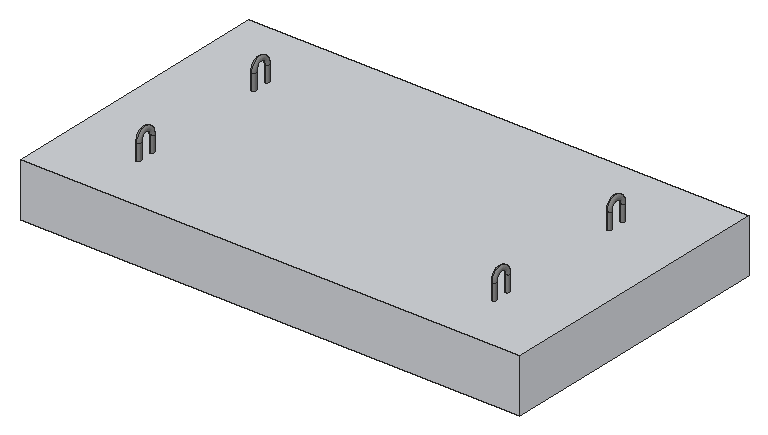
Revit family "110402-00092 Плита ПАКС 1,4х0,8 анкерная колодца связи", category Обобщенные модели, Revit 2019
Family settings
  Может служить основой для арматурных стержней = Нет
  Размер круглого соединителя = Использовать диаметр
  Тип детали = Нормальный
  На основе рабочей плоскости = Нет
  Всегда вертикально = Да
  При загрузке вырезать с полостями = Нет
  Общий = Нет
  Точка расчета площади = Нет
Parameters (values of type "Плита ПАКС 1,4х0,8 анкерная колодца связи")
  ADSK_Ширина [instance] = 800 mm
  ADSK_Ссылка на сайт = "https://www.ssd.ru/plita-paks-1-4kh0-8-ankernaya-kolodtsa-svyazi"
  ADSK_Сертификат соответствия = "https://www.ssd.ru/upload/iblock/fde/sert_b15_0221.pdf"
  ADSK_Наименование = "Плита ПАКС 1,4х0,8 анкерная колодца связи"
  ADSK_Масса = "420"
  ADSK_Марка = "ПАКС 1,4х0,8"
  ADSK_Код изделия = "110402-00092"
  ADSK_Изготовитель = "АО СВЯЗЬСТРОЙДЕТАЛЬ"
  ADSK_Длина = 1400 mm
  ADSK_Выста [instance] = 150 mm
Reference planes
  plane 1 "По центру (Вперед/Назад)": y = 0
  plane 2: z = 0
  plane 3 "По центру (Влево/Вправо)": x = 0
  plane 4: x = -700
  plane 5: x = 700
  plane 6: y = 400
  plane 7: y = -400
  plane 8: z = 150
Forms (mm)
  Extrusion 1, solid
    sketch origin (0, 0, 0) x (1, 0, 0) y (0, 1, 0)
      loop
        line (-700, 400) -> (-700, -400) -> (700, -400) -> (700, 400) -> (-700, 400)
    from 0 to 150
  Sweep 2, solid, material "Ж/б", detail levels fine
    path origin (0, -6, 0) x (0, 1, 0) y (0, 0, 1)
      loop
        line (218, 150) -> (218, 195)
        arc (218, 195) -> (194.5, 218.5) -> (171, 195) r 23.5
        line (171, 195) -> (171, 150)
    profile origin (0, 212, 172.5) x (0, -1, 0) y (1, 0, 0)
      loop
        circle (0, -498) r 6
  Sweep 3, solid, material "Ж/б", detail levels fine
    path origin (0, -6, 0) x (0, 1, 0) y (0, 0, -1)
      loop
        line (218, -150) -> (218, -195)
        arc (218, -195) -> (194.5, -218.5) -> (171, -195) r 23.5
        line (171, -195) -> (171, -150)
    profile origin (0, 212, 172.5) x (0, 1, 0) y (-1, 0, 0)
      loop
        circle (0, -498) r 6
  Sweep 4, solid, material "Ж/б", detail levels fine
    path origin (0, -20, 0) x (0, -1, 0) y (0, 0, 1)
      loop
        line (218, 150) -> (218, 195)
        arc (218, 195) -> (194.5, 218.5) -> (171, 195) r 23.5
        line (171, 195) -> (171, 150)
    profile origin (0, -238, 172.5) x (0, -1, 0) y (1, 0, 0)
      loop
        circle (0, -498) r 6
  Sweep 5, solid, material "Ж/б", detail levels fine
    path origin (0, -20, 0) x (0, -1, 0) y (0, 0, 1)
      loop
        line (218, 150) -> (218, 195)
        arc (218, 195) -> (194.5, 218.5) -> (171, 195) r 23.5
        line (171, 195) -> (171, 150)
    profile origin (0, -238, 172.5) x (0, 1, 0) y (-1, 0, 0)
      loop
        circle (0, -498) r 6
Dimensions and locks
  "ADSK_Ширина": plane 6 to plane 7
  equal spacing: plane 4, plane 3 "По центру (Влево/Вправо)", plane 5
  equal spacing: plane 6, plane 1 "По центру (Вперед/Назад)", plane 7
  "ADSK_Длина": plane 4 to plane 5
  "ADSK_Выста": plane 8 to level
  aligned and locked: level to plane 2
  aligned and locked: Extrusion 1 sketch curve to plane 6
  aligned and locked: plane 4 to Extrusion 1 sketch curve
  aligned and locked: plane 7 to Extrusion 1 sketch curve
  aligned and locked: Extrusion 1 sketch curve to plane 5
  aligned and locked: plane 8 to Extrusion 1
  aligned and locked: Extrusion 1 to level
Automatic sketch dimensions
  Sweep 2 sketch curve to plane 8 = 0 mm  (x2)
  plane 8 to Sweep 2 sketch curve = 45 mm
  Sweep 2 sketch curve to plane 1 "По центру (Вперед/Назад)" = 165 mm
  Sweep 2 sketch curve to Sweep 2 sketch curve = 23.5 mm
  Sweep 2 sketch curve to profile plane = 0 mm
  Sweep 2 sketch curve to plane 3 "По центру (Влево/Вправо)" = 498 mm
  Sweep 3 sketch curve to plane 8 = 0 mm  (x2)
  plane 8 to Sweep 3 sketch curve = 45 mm
  Sweep 3 sketch curve to plane 1 "По центру (Вперед/Назад)" = 165 mm
  Sweep 3 sketch curve to Sweep 3 sketch curve = 23.5 mm
  profile plane to Sweep 3 sketch curve = 0 mm
  Sweep 3 sketch curve to profile plane = 498 mm
  Sweep 4 sketch curve to plane 8 = 0 mm  (x2)
  Sweep 4 sketch curve to plane 8 = 45 mm
  Sweep 4 sketch curve to plane 1 "По центру (Вперед/Назад)" = 191 mm
  Sweep 4 sketch curve to Sweep 4 sketch curve = 23.5 mm
  Sweep 4 sketch curve to profile plane = 0 mm
  Sweep 4 sketch curve to plane 3 "По центру (Влево/Вправо)" = 498 mm
  Sweep 5 sketch curve to plane 8 = 0 mm  (x2)
  plane 8 to Sweep 5 sketch curve = 45 mm
  plane 1 "По центру (Вперед/Назад)" to Sweep 5 sketch curve = 191 mm
  Sweep 5 sketch curve to Sweep 5 sketch curve = 23.5 mm
  profile plane to Sweep 5 sketch curve = 0 mm
  Sweep 5 sketch curve to profile plane = 498 mm
  radius of Sweep 2 sketch curve = 6 mm
  radius of Sweep 3 sketch curve = 6 mm
  radius of Sweep 4 sketch curve = 6 mm
  radius of Sweep 5 sketch curve = 6 mm
